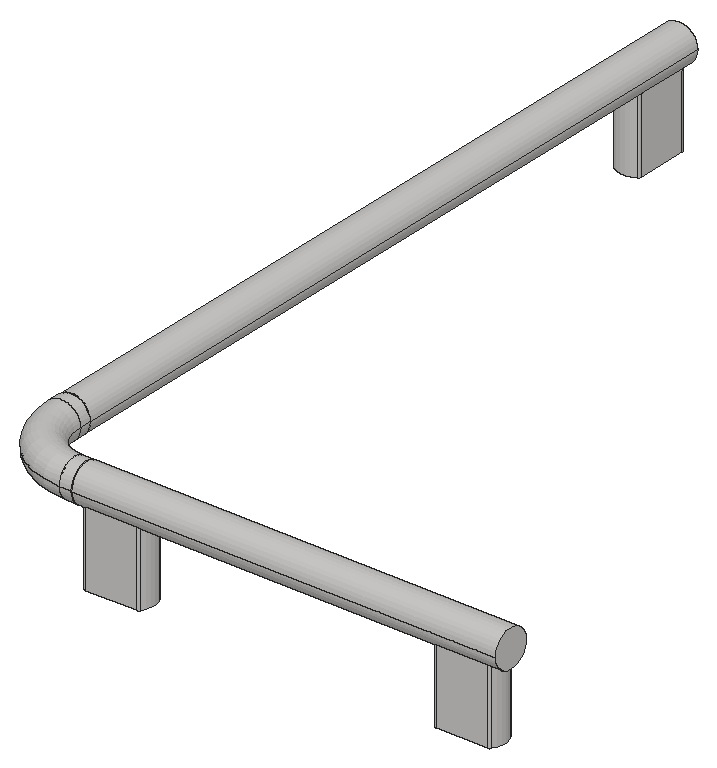
Revit family "90-deg", category Plumbing Fixtures, host Face, Revit 2016
Family settings
  Host = Face
  Part Type = Normal
  Round Connector Dimension = Use Radius
  OmniClass Number = 23.40.20.21.47
  OmniClass Title = Bath Grab Bars
  Cut with Voids When Loaded = No
  Shared = No
  Room Calculation Point = No
Parameters (values of type "OPAL SUPPORT RAIL 90 DEG")
  Waste Connection = no
  Vent Connection = no
  URL = "https://www.caroma.com.au/"
  Rail_Height = 75 mm
  Model = "687380C"
  Material_Base = GWA_Metal-Stainless
  Manufacturer = "GWA Bathrooms & Kitchens"  # constant formula
  HW Connection = no
  Description = "Opal Support Rail 90 Deg"
  Default Elevation = 0 mm
  CreatedBy_ANZRS = "GWA Bathrooms & Kitchens"  # constant formula
  CW Connection = no
  Assembly Code = "C1030200"
Reference planes
  plane 1 "Center (Front/Back)": y = 0
  plane 2: z = 0
  plane 3 "Center (Left/Right)": x = 0
  plane 4 "Rail_Centre": z = 75
Forms (mm)
  Extrusion 1, solid, material "GWA_Metal-Stainless" <- "Material_Base"
    sketch origin (225, 0, 0) x (-1, 0, 0) y (0, -1, 0)
      loop
        arc (246.722, -11.5) -> (248.222, -11.098) -> (249.321, -10) r 3
        arc (249.321, -10) -> (252, 0) -> (249.321, 10) r 20
        arc (249.321, 10) -> (248.222, 11.098) -> (246.722, 11.5) r 3
        line (246.722, 11.5) -> (203.278, 11.5)
        arc (203.278, 11.5) -> (201.778, 11.098) -> (200.679, 10) r 3
        arc (200.679, 10) -> (198, 0) -> (200.679, -10) r 20
        arc (200.679, -10) -> (201.778, -11.098) -> (203.278, -11.5) r 3
        line (203.278, -11.5) -> (246.722, -11.5)
    from 0 to 75
  Sweep 2, solid, material "GWA_Metal-Stainless" <- "Material_Base"
    path origin (0, 0, 75) x (1, 0, 0) y (0, 1, 0)
      loop
        line (32.5, 0) -> (-340.65, 0)
        arc (-340.65, 0) -> (-379.541, 16.109) -> (-395.65, 55) r 55
        line (-395.65, 55) -> (-395.65, 714.65)
    profile origin (-154.075, 0, 75) x (0, -1, 0) y (0, 0, 1)
      loop
        circle (0, 0) r 16
  Extrusion 3, solid, material "GWA_Metal-Stainless" <- "Material_Base"
    sketch origin (-75, 0, 0) x (-1, 0, 0) y (0, -1, 0)
      loop
        arc (246.722, -11.5) -> (248.222, -11.098) -> (249.321, -10) r 3
        arc (249.321, -10) -> (252, 0) -> (249.321, 10) r 20
        arc (249.321, 10) -> (248.222, 11.098) -> (246.722, 11.5) r 3
        line (246.722, 11.5) -> (203.278, 11.5)
        arc (203.278, 11.5) -> (201.778, 11.098) -> (200.679, 10) r 3
        arc (200.679, 10) -> (198, 0) -> (200.679, -10) r 20
        arc (200.679, -10) -> (201.778, -11.098) -> (203.278, -11.5) r 3
        line (203.278, -11.5) -> (246.722, -11.5)
    from 0 to 75
  Extrusion 4, solid, material "GWA_Metal-Stainless" <- "Material_Base"
    sketch origin (-395.65, 457.15, 0) x (0, 1, 0) y (-1, 0, 0)
      loop
        arc (246.722, -11.5) -> (248.222, -11.098) -> (249.321, -10) r 3
        arc (249.321, -10) -> (252, 0) -> (249.321, 10) r 20
        arc (249.321, 10) -> (248.222, 11.098) -> (246.722, 11.5) r 3
        line (246.722, 11.5) -> (203.278, 11.5)
        arc (203.278, 11.5) -> (201.778, 11.098) -> (200.679, 10) r 3
        arc (200.679, 10) -> (198, 0) -> (200.679, -10) r 20
        arc (200.679, -10) -> (201.778, -11.098) -> (203.278, -11.5) r 3
        line (203.278, -11.5) -> (246.722, -11.5)
    from 0 to 75
  Extrusion 5, void
    sketch origin (0, 0, 75) x (-1, 0, 0) y (0, -1, 0)
      loop
        line (420, -65) -> (370, -65) -> (370, -65.8) -> (420, -65.8) -> (420, -65)
    from -40 to 40
  Extrusion 6, void
    sketch origin (0, 0, 75) x (-1, 0, 0) y (0, -1, 0)
      loop
        line (330.65, -21) -> (330.65, 20.01) -> (329.85, 20.01) -> (329.85, -21) -> (330.65, -21)
    from -40 to 40
Cuts and joins
  Extrusion 5, Extrusion 6 cuts Sweep 2
  joined: Extrusion 1, Sweep 2, Extrusion 3, Extrusion 4
Lines and regions (mm)
  Masking region 1
    outline origin (0, 0, 75) x (-1, 0, 0) y (0, -1, 0)
      loop
        line (379.65, -714.65) -> (411.65, -714.65) -> (411.65, -65.8) -> (379.65, -65.8) -> (379.65, -714.65)
      loop
        line (-32.5, -16) -> (329.85, -16) -> (329.85, 16) -> (-32.5, 16) -> (-32.5, -16)
      loop
        arc (411.65, -55) -> (390.855, -4.795) -> (340.65, 16) r 71
        line (340.65, 16) -> (330.65, 16) -> (330.65, -16) -> (340.65, -16)
        arc (340.65, -16) -> (368.227, -27.423) -> (379.65, -55) r 39
        line (379.65, -55) -> (379.65, -65) -> (411.65, -65) -> (411.65, -55)
  Masking region 2
    outline origin (0, 0, 0) x (1, 0, 0) y (0, 0, 1)
      loop
        line (32.5, 91) -> (-395.65, 91)
        arc (-395.65, 91) -> (-410.381, 81.245) -> (-407.15, 63.876) r 16
        line (-407.15, 63.876) -> (-407.15, 0) -> (-384.15, 0) -> (-384.15, 59) -> (-327, 59) -> (-327, 0) -> (-273, 0) -> (-273, 59) -> (-27, 59) -> (-27, 0) -> (27, 0) -> (27, 59) -> (32.5, 59) -> (32.5, 91)
  Masking region 3
    outline origin (0, 0, 0) x (0, 1, 0) y (0, 0, 1)
      loop
        arc (0, 91) -> (-14.731, 81.245) -> (-11.5, 63.876) r 16
        line (-11.5, 63.876) -> (-11.5, 0) -> (11.5, 0) -> (11.5, 59) -> (655.15, 59) -> (655.15, 0) -> (709.15, 0) -> (709.15, 59) -> (714.65, 59) -> (714.65, 91) -> (0, 91)
  symbolic lines
    curve 1: line (27, 0, 0) -> (27, 0, 59)
    curve 2: line (27, 0, 0) -> (-27, 0, 0)
    curve 3: line (-27, 0, 0) -> (-27, 0, 59)
    curve 4: line (-21.774, 0, 63.876) -> (21.774, 0, 63.876)
    curve 5: line (27, 0, 59) -> (24.152, 0, 62.704)
    curve 6: arc (21.774, 0, 63.876) -> (23.099, 0, 63.567) -> (24.152, 0, 62.704) r 3
    curve 7: line (-27, 0, 59) -> (-24.152, 0, 62.704)
    curve 8: arc (-21.774, 0, 63.876) -> (-23.099, 0, 63.567) -> (-24.152, 0, 62.704) r 3
    curve 9: line (32.5, 0, 59) -> (32.5, 0, 91)
    curve 10: line (32.5, 0, 91) -> (-395.65, 0, 91)
    curve 11: line (32.5, 0, 59) -> (27, 0, 59)
    curve 12: line (-27, 0, 59) -> (-273, 0, 59)
    curve 13: line (-411.65, 714.65, 75) -> (-379.65, 714.65, 75)
    curve 14: line (-379.65, 714.65, 75) -> (-379.65, 65.8, 75)
    curve 15: line (-411.65, 714.65, 75) -> (-411.65, 65.8, 75)
    curve 16: line (32.5, -16, 75) -> (-329.85, -16, 75)
    curve 17: line (32.5, -16, 75) -> (32.5, 16, 75)
    curve 18: line (32.5, 16, 75) -> (-329.85, 16, 75)
    curve 19: line (-329.85, 16, 75) -> (-329.85, -16, 75)
    curve 20: line (-330.65, 16, 75) -> (-330.65, -16, 75)
    curve 21: line (-411.65, 65, 75) -> (-379.65, 65, 75)
    curve 22: line (-411.65, 65.8, 75) -> (-379.65, 65.8, 75)
    curve 23: line (-411.65, 65, 75) -> (-411.65, 55, 75)
    curve 24: line (-330.65, -16, 75) -> (-340.65, -16, 75)
    curve 25: line (-330.65, 16, 75) -> (-340.65, 16, 75)
    curve 26: line (-379.65, 65, 75) -> (-379.65, 55, 75)
    curve 27: arc (-379.65, 55, 75) -> (-368.227, 27.423, 75) -> (-340.65, 16, 75) r 39
    curve 28: arc (-411.65, 55, 75) -> (-390.855, 4.795, 75) -> (-340.65, -16, 75) r 71
    curve 29: line (-273, 0, 0) -> (-273, 0, 59)
    curve 30: line (-273, 0, 0) -> (-327, 0, 0)
    curve 31: line (-327, 0, 0) -> (-327, 0, 59)
    curve 32: line (-321.774, 0, 63.876) -> (-278.226, 0, 63.876)
    curve 33: line (-273, 0, 59) -> (-275.848, 0, 62.704)
    curve 34: arc (-278.226, 0, 63.876) -> (-276.901, 0, 63.567) -> (-275.848, 0, 62.704) r 3
    curve 35: line (-327, 0, 59) -> (-324.152, 0, 62.704)
    curve 36: arc (-321.774, 0, 63.876) -> (-323.099, 0, 63.567) -> (-324.152, 0, 62.704) r 3
    curve 37: circle (-395.65, 0, 75) r 16 normal (0, -1, 0)
    curve 38: line (-384.15, 0, 0) -> (-407.15, 0, 0)
    curve 39: line (-407.15, 0, 0) -> (-407.15, 0, 63.876)
    curve 40: line (-384.15, 0, 0) -> (-384.15, 0, 63.876)
    curve 41: line (-330.65, 0, 59) -> (-330.65, 0, 91)
    curve 42: line (-329.85, 0, 59) -> (-329.85, 0, 91)
    curve 43: line (-327, 0, 59) -> (-384.15, 0, 59)
    curve 44: circle (0, 0, 75) r 16 normal (1, 0, 0)
    curve 45: line (0, 11.5, 0) -> (0, -11.5, 0)
    curve 46: line (0, -11.5, 0) -> (0, -11.5, 63.876)
    curve 47: line (0, 0, 59) -> (0, 655.15, 59)
    curve 48: line (0, 0, 91) -> (0, 714.65, 91)
    curve 49: line (0, 11.5, 0) -> (0, 11.5, 59)
    curve 50: line (0, 714.65, 91) -> (0, 714.65, 59)
    curve 51: line (0, 655.15, 0) -> (0, 655.15, 59)
    curve 52: line (0, 714.65, 59) -> (0, 709.15, 59)
    curve 53: line (0, 709.15, 0) -> (0, 709.15, 59)
    curve 54: line (0, 65, 91) -> (0, 65, 59)
    curve 55: line (0, 65.8, 91) -> (0, 65.8, 59)
    curve 56: line (0, 703.938, 63.876) -> (0, 660.362, 63.876)
    curve 57: line (0, 655.15, 59) -> (0, 657.98, 62.699)
    curve 58: arc (0, 660.362, 63.876) -> (0, 659.034, 63.565) -> (0, 657.98, 62.699) r 3
    curve 59: line (0, 709.15, 59) -> (0, 706.32, 62.699)
    curve 60: arc (0, 703.938, 63.876) -> (0, 705.266, 63.565) -> (0, 706.32, 62.699) r 3
Dimensions and locks
  aligned and locked: plane 2 to host face
  aligned and locked: level to host face
